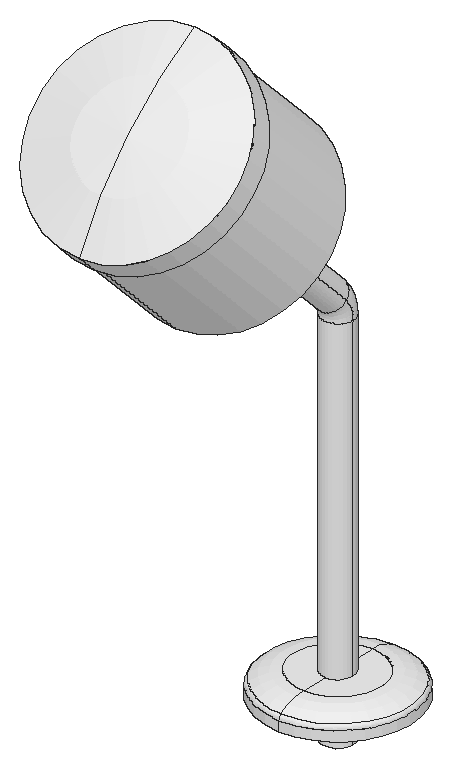
Revit family "Showerhead-DXV-Ashbee-D35101775_Series", category Plumbing Fixtures, host Face, Revit 2014
Parameters (values of type "D35101775.100")
  Width = 3 5/16"
  Waste Connection = no
  Warranty Documentation Link = "https://www.dxv.com/-/media/files/dxv/warranty/dxv_warranty_booklet.ashx"
  WFU = 4  # constant formula
  Vent Connection = no
  URL = "www.dxv.com"
  Type Comments = ""
  Tempered Water Connection Radius = 1/4"  # constant formula
  Tempered Water Connection Diameter = Tempered Water Connection Radius * 2  # 1/2"
  Product Page URL = "https://www.dxv.com/product/ashbee-multifunction-showerhead-by-dxv"
  Product Documentation Link = "https://dxv01.blob.core.windows.net/dxv-product-pdf-files/spec_D35101775_DXV_Ashbee_shwhead_EN.pdf"
  Price = "Prices may vary. Please consult Manufacturer Representative for most up-to-date price list."  # constant formula
  Model = "D35101775.100"
  Material = Metal-DXV-100-Polished Chrome
  Manufacturer = "DXV"
  Length = 10"
  Installation Type = "Wall Mounted"
  Hot Water Connection Radius = 1/4"  # constant formula
  Hot Water Connection Diameter = Hot Water Connection Radius * 2  # 1/2"
  Height = 5 7/16"
  HWFU = 3  # constant formula
  HW Connection = yes
  Flow Rate = if(CalGreen Compliant, "2.0 GPM (7.6L/min)", "2.5 GPM (9.5L/min)")  # "2.0 GPM (7.6L/min)"
  Finish = Metal-DXV-100-Polished Chrome
  Description = "Ashbee™ Multifunction Showerhead"  # constant formula
  Default Elevation = 68"  # constant formula
  Creation Date = "17/2/2014"  # constant formula
  Cold Water Connection Radius = 1/4"  # constant formula
  Cold Water Connection Diameter = Cold Water Connection Radius * 2  # 1/2"
  CalGreen Compliant = yes
  CWFU = 3  # constant formula
  CW Connection = yes
  Assembly Code = "D2010710"
Types (4): name | Model | Material | Finish
  (no name) | "D35101775.100" | Metal-DXV-100-Polished Chrome | Metal-DXV-100-Polished Chrome
  D35101775.150 | "D35101775.150" | Metal-DXV-150-Platinum Nickel | Metal-DXV-150-Platinum Nickel
  D35101775.100 | "D35101775.100" | Metal-DXV-100-Polished Chrome | Metal-DXV-100-Polished Chrome
  D35101775.144 | "D35101775.144" | Metal-DXV-144-Brushed Nickel | Metal-DXV-144-Brushed Nickel
Reference planes (in)
  plane 1 "Center (Front/Back)": y = 0
  plane 2: z = 0
  plane 3 "Center (Left/Right)": x = 0
  plane 4: z = 0.375
  plane 5: z = 10
  plane 6: z = -0.625
  plane 7: y = -4.25
  plane 8: through (0, -4.25, 10) normal (0, -0.7071, -0.7071)
  plane 9: y = -1.1875
  plane 10: y = 1.1875
  plane 11: y = -0.25
  plane 12: y = 0.25
  plane 13: x = 1.65625
  plane 14: x = -1.65625
Forms (in)
  Revolve 1, solid, material "Metal-DXV-100-Polished Chrome" <- "Material"
    sketch origin (0, 0, 0) x (0, 1, 0) y (0, 0, 1)
      loop
        line (0, 0.375) -> (0, 0) -> (1.1875, 0) -> (1.1875, 0.16055)
        arc (1.1875, 0.16055) -> (1.17699, 0.20311) -> (1.14789, 0.2359) r 0.09149
        arc (1.14789, 0.2359) -> (0.93478, 0.33942) -> (0.70055, 0.375) r 0.78889
        line (0.70055, 0.375) -> (0, 0.375)
      axis (0, 0) -> (0, 0.375)
    angle from 0 to 360
  Revolve 2, solid, material "Metal-DXV-100-Polished Chrome" <- "Material"
    sketch origin (0, -5.72327, -15.45618) x (0, 0.707107, -0.707107) y (0, 0.707107, 0.707107)
      loop
        line (-13.98418, 20.64149) -> (-16.22221, 20.64149) -> (-16.27896, 20.69824) -> (-16.69265, 20.69824)
        arc (-16.69265, 20.69824) -> (-16.89148, 19.8807) -> (-16.95832, 19.04199) r 5.2955
        line (-16.95832, 19.04199) -> (-13.28212, 19.04199) -> (-13.28212, 19.3415) -> (-13.55782, 19.3415) -> (-13.60707, 19.3415)
        arc (-13.60707, 19.3415) -> (-13.62389, 19.33699) -> (-13.6362, 19.32468) r 0.03364
        line (-13.6362, 19.32468) -> (-13.72233, 19.23855)
        arc (-13.72233, 19.23855) -> (-13.77122, 19.2183) -> (-13.82011, 19.23855) r 0.06914
        line (-13.82011, 19.23855) -> (-13.89547, 19.31391)
        arc (-13.89547, 19.31391) -> (-13.91323, 19.83046) -> (-13.96868, 20.34434) r 7.07175
        arc (-13.96868, 20.34434) -> (-13.97583, 20.49295) -> (-13.98418, 20.64149) r 18.48465
      axis (-13.28212, 19.04199) -> (-16.95832, 19.04199)
    angle from 0 to 360
  Sweep 3, solid, material "Metal-DXV-100-Polished Chrome" <- "Material"
    path origin (0, 0, 0) x (0, 1, 0) y (0, 0, 1)
      loop
        line (0, 0.375) -> (0, 5.54262)
        arc (0, 5.54262) -> (-0.03806, 5.73396) -> (-0.14645, 5.89617) r 0.5
        line (-0.14645, 5.89617) -> (-1.65056, 7.40029)
    profile origin (0, 0, 2.95881) x (0, -1, 0) y (1, 0, 0)
      loop
        circle (0, 0) r 0.25
  Extrusion 4, solid, material "Metal-DXV-100-Polished Chrome" <- "Material"
    sketch origin (0, 0, 0) x (1, 0, 0) y (0, 1, 0)
      loop
        circle (0, 0) r 0.25
    from 0 to -0.625
Lines and regions (in)
  Masking region 1
    outline origin (0, 0, 0) x (1, 0, 0) y (0, 0, 1)
      loop
        line (1.18742, 0) -> (1.18742, 0.20672)
        arc (1.18742, 0.20672) -> (0.96715, 0.32875) -> (0.71962, 0.375) r 0.78746
        line (0.71962, 0.375) -> (0.25, 0.375) -> (0.25, 6.77973)
        spline (0.25, 6.77973) -> (0.43398, 6.80826) -> (0.61193, 6.85188) -> (0.78141, 6.90999) -> (0.94004, 6.98178) -> (1.08565, 7.06626) -> (1.2162, 7.16226) -> (1.32988, 7.26844) -> (1.42513, 7.38333) -> (1.50062, 7.50535) -> (1.5553, 7.6328) -> (1.58841, 7.7639) -> (1.5995, 7.89685)
        line (1.5995, 7.89685) -> (1.5995, 9.21557)
        spline (1.5995, 9.21557) -> (1.60852, 9.24038) -> (1.61677, 9.26533) -> (1.62425, 9.2904) -> (1.63095, 9.31558) -> (1.63687, 9.34086) -> (1.642, 9.36622) -> (1.64635, 9.39166) -> (1.64991, 9.41715) -> (1.65268, 9.4427) -> (1.65466, 9.46828) -> (1.65585, 9.49389) -> (1.65625, 9.51951)
        line (1.65625, 9.51951) -> (1.65625, 9.81203)
        spline (1.65625, 9.81203) -> (1.64208, 9.96489) -> (1.59981, 10.11514) -> (1.53018, 10.26021) -> (1.43435, 10.3976) -> (1.31399, 10.52498) -> (1.17115, 10.64015) -> (1.00826, 10.74116) -> (0.82813, 10.82627) -> (0.63382, 10.89403) -> (0.42867, 10.94327) -> (0.21618, 10.97316) -> (0, 10.98318)
        spline (0, 10.98318) -> (-0.21618, 10.97316) -> (-0.42867, 10.94327) -> (-0.63382, 10.89403) -> (-0.82812, 10.82627) -> (-1.00826, 10.74116) -> (-1.17115, 10.64015) -> (-1.31399, 10.52498) -> (-1.43435, 10.3976) -> (-1.53018, 10.26021) -> (-1.59981, 10.11514) -> (-1.64208, 9.96489) -> (-1.65625, 9.81203)
        line (-1.65625, 9.81203) -> (-1.65625, 9.51951)
        spline (-1.65625, 9.51951) -> (-1.65585, 9.49389) -> (-1.65466, 9.46828) -> (-1.65268, 9.4427) -> (-1.64991, 9.41715) -> (-1.64635, 9.39166) -> (-1.642, 9.36622) -> (-1.63687, 9.34086) -> (-1.63095, 9.31558) -> (-1.62425, 9.2904) -> (-1.61677, 9.26533) -> (-1.60852, 9.24038) -> (-1.5995, 9.21557)
        line (-1.5995, 9.21557) -> (-1.5995, 7.89685)
        spline (-1.5995, 7.89685) -> (-1.58841, 7.7639) -> (-1.5553, 7.6328) -> (-1.50062, 7.50535) -> (-1.42513, 7.38333) -> (-1.32988, 7.26844) -> (-1.2162, 7.16226) -> (-1.08565, 7.06626) -> (-0.94004, 6.98178) -> (-0.78141, 6.90999) -> (-0.61193, 6.85188) -> (-0.43398, 6.80826) -> (-0.25, 6.77973)
        line (-0.25, 6.77973) -> (-0.25, 0.375) -> (-0.71962, 0.375)
        arc (-0.71962, 0.375) -> (-0.96715, 0.32875) -> (-1.18742, 0.20672) r 0.78746
        line (-1.18742, 0.20672) -> (-1.18742, 0) -> (1.18742, 0)
  symbolic lines, style "PlumbingFixtures"
    curve 1: line (0.25, 0, 0.375) -> (0.25, 0, 6.77973)
    curve 2: line (0.25, 0, 6.77973) -> (1.5995, 0, 7.89685)
    curve 3: line (1.5995, 0, 7.89685) -> (1.5995, 0, 9.21557)
    curve 4: arc (1.5995, 0, 9.21557) -> (1.64176, 0, 9.36494) -> (1.65625, 0, 9.51951) r 0.85285
    curve 5: line (1.65625, 0, 9.51951) -> (1.65625, 0, 9.81203)
    curve 6: line (1.65625, 0, 9.81203) -> (0, 0, 10.98318)
    curve 7: line (0, 0, 10.98318) -> (-1.65625, 0, 9.81203)
    curve 8: line (-1.65625, 0, 9.81203) -> (-1.65625, 0, 9.51951)
    curve 9: arc (-1.65625, 0, 9.51951) -> (-1.64176, 0, 9.36494) -> (-1.5995, 0, 9.21557) r 0.85285
    curve 10: line (-1.5995, 0, 9.21557) -> (-1.5995, 0, 7.89685)
    curve 11: line (-1.5995, 0, 7.89685) -> (-0.25, 0, 6.77973)
    curve 12: line (-0.25, 0, 6.77973) -> (-0.25, 0, 0.375)
    curve 13: line (-0.25, 0, 0.375) -> (-0.71962, 0, 0.375)
    curve 14: arc (-0.71962, 0, 0.375) -> (-0.96715, 0, 0.32875) -> (-1.18742, 0, 0.20672) r 0.78746
    curve 15: line (-1.18742, 0, 0.20672) -> (-1.18742, 0, 0)
    curve 16: line (-1.18742, 0, 0) -> (1.18742, 0, 0)
    curve 17: line (1.18742, 0, 0) -> (1.18742, 0, 0.20672)
    curve 18: arc (1.18742, 0, 0.20672) -> (0.96715, 0, 0.32875) -> (0.71962, 0, 0.375) r 0.78746
    curve 19: line (0.71962, 0, 0.375) -> (0.25, 0, 0.375)
  symbolic lines, detail levels medium+fine
    curve 20: line (0.25, 0, 0.375) -> (-0.25, 0, 0.375)
    curve 21: line (0.25, 0, 6.77973) -> (0.25, 0, 7.27973)
    curve 22: arc (0.25, 0, 7.27973) -> (0.28836, 0, 7.34333) -> (0.29986, 0, 7.41671) r 0.19293
    curve 23: line (0.29986, 0, 7.41671) -> (0.29986, 0, 7.64294)
    curve 24: arc (0.29986, 0, 7.64294) -> (0.25557, 0, 7.74572) -> (0.16898, 0, 7.81662) r 0.23641
    curve 25: arc (0.16898, 0, 7.81662) -> (0.00358, 0, 7.85422) -> (-0.16182, 0, 7.81662) r 0.38255
    curve 26: line (-0.25, 0, 6.77973) -> (-0.25, 0, 7.27973)
    curve 27: arc (-0.25, 0, 7.27973) -> (-0.28836, 0, 7.34333) -> (-0.29986, 0, 7.41671) r 0.19293
    curve 28: line (-0.29986, 0, 7.41671) -> (-0.29986, 0, 7.64294)
    curve 29: arc (-0.16182, 0, 7.81662) -> (-0.25081, 0, 7.74565) -> (-0.29986, 0, 7.64294) r 0.25391
  symbolic lines, detail levels fine
    curve 30: line (0.25, 0, 7.27973) -> (0.25, 0, 7.40029)
    curve 31: arc (0.25, 0, 7.40029) -> (0.21103, 0, 7.48939) -> (0.134, 0, 7.54877) r 0.19587
    curve 32: arc (0.134, 0, 7.54877) -> (-0.00142, 0, 7.57662) -> (-0.13683, 0, 7.54877) r 0.34306
    curve 33: arc (-0.13683, 0, 7.54877) -> (-0.21292, 0, 7.48939) -> (-0.25, 0, 7.40029) r 0.18993
    curve 34: line (-0.25, 0, 7.40029) -> (-0.25, 0, 7.27973)
    curve 35: arc (0.29986, 0, 7.41671) -> (0.25779, 0, 7.51052) -> (0.17478, 0, 7.57117) r 0.2006
    curve 36: arc (0.17478, 0, 7.57117) -> (-0.0004, 0, 7.61169) -> (-0.17557, 0, 7.57117) r 0.39892
    curve 37: arc (-0.17557, 0, 7.57117) -> (-0.25493, 0, 7.50779) -> (-0.29986, 0, 7.41671) r 0.23342
    curve 38: arc (1.65625, 0, 9.51951) -> (1.46418, 0, 10.04896) -> (1.04524, 0, 10.42538) r 1.15908
    curve 39: arc (1.04524, 0, 10.42538) -> (0.67035, 0, 10.58403) -> (0.27381, 0, 10.67603) r 2.36412
    curve 40: arc (0.27381, 0, 10.67603) -> (-0.00187, 0, 10.6956) -> (-0.27755, 0, 10.67603) r 1.95127
    curve 41: arc (-0.27755, 0, 10.67603) -> (-0.74042, 0, 10.5601) -> (-1.16951, 0, 10.35138) r 2.30583
    curve 42: arc (-1.16951, 0, 10.35138) -> (-1.51577, 0, 9.99565) -> (-1.65625, 0, 9.51951) r 1.03363
    curve 43: arc (1.5995, 0, 7.89685) -> (1.42686, 0, 8.38092) -> (1.05486, 0, 8.73552) r 1.1111
    curve 44: arc (1.05486, 0, 8.73552) -> (0.69758, 0, 8.9031) -> (0.31618, 0, 9.00438) r 2.20753
    curve 45: arc (0.31618, 0, 9.00438) -> (-0.01311, 0, 9.03245) -> (-0.34239, 0, 9.00438) r 1.94561
    curve 46: arc (-0.34239, 0, 9.00438) -> (-0.87145, 0, 8.83379) -> (-1.3316, 0, 8.52191) r 1.96584
    curve 47: arc (-1.3316, 0, 8.52191) -> (-1.5297, 0, 8.23688) -> (-1.5995, 0, 7.89685) r 0.86314
    curve 48: line (1.5995, 0, 9.21557) -> (1.5995, 0, 9.49866)
    curve 49: arc (1.5995, 0, 9.49866) -> (1.42058, 0, 9.99234) -> (1.02988, 0, 10.34316) r 1.07934
    curve 50: arc (1.02988, 0, 10.34316) -> (0.69336, 0, 10.48894) -> (0.33843, 0, 10.58124) r 2.37841
    curve 51: arc (0.33843, 0, 10.58124) -> (-0.0061, 0, 10.61186) -> (-0.35063, 0, 10.58124) r 1.95382
    curve 52: arc (-0.35063, 0, 10.58124) -> (-0.8535, 0, 10.42194) -> (-1.29877, 0, 10.13912) r 2.04183
    curve 53: line (-1.5995, 0, 9.21557) -> (-1.5995, 0, 9.46557)
    curve 54: arc (-1.5995, 0, 9.46557) -> (-1.52719, 0, 9.83719) -> (-1.29877, 0, 10.13912) r 0.83845
Dimensions and locks (in)
  plane 4 to host face = 3/8"
  locked: plane 5 to host face at 10
  locked: plane 10 to plane 7 at 5.4375
  locked: plane 14 to plane 13 at 3.3125
  aligned and locked: plane 2 to host face
  aligned and locked: level to host face
Connectors (in)
  piping at (0, 0, -0.625), diameter 0.5, driven by "Tempered Water Connection Diameter"
    settings: on Extrusion 4, index 1, connector inside diameter 1/2", connector length 0", flow factor 0, pipe flow 2 GPM, pressure drop 0.00 psi, fitting loss kfactor 0, connector angle 0.00°, fixture units 0, engagement length 0", angle of deflection 0.00°, flow configuration 0, flow direction 1, fitting loss method 0, system type 29, joint type 0, gender type 0, connector reference index -1, connector utility 0, adjustable connector no, is connector primary yes, connector description "1/2\" NPT Supply Inlet"
